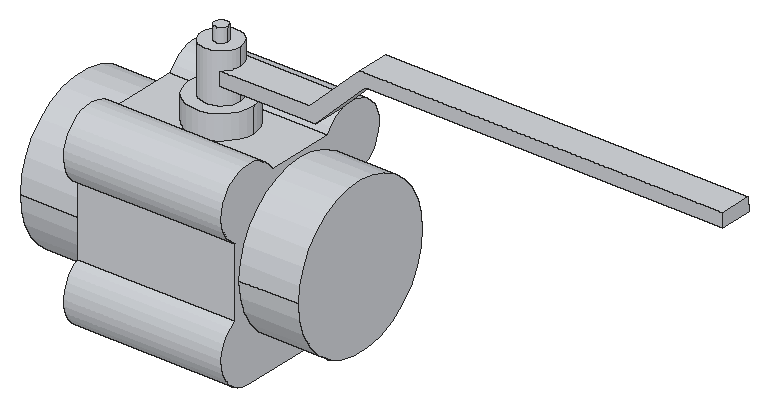
Revit family "Válvula Bola Compacta - 15-100 mm - Rosqueada - Worcester", category Acessórios do tubo, Revit 2019
Family settings
  Cota do conector redondo = Usar raio
  Tipo de parte = Válvula - Quebra entre
  ID de item do Seek = Ball Valve - 50-150 mm-0000-CAN-ENU
  Com base no plano de trabalho = Não
  Sempre na vertical = Sim
  Corte com vazios quando carregada = Não
  Compartilhado = Não
Parameters (values of type "15 mm")
  Material da válvula = none
  Raio do tronco = Diâmetro do tronco / 2  # 1.5 mm
  Altura do tronco = 39.25 mm
  Diâmetro do tronco = 0.2 * Diâmetro nominal  # 3 mm
  Raio = 2 * (Comprimento 2) - Raio nominal  # 15 mm
  Raio da porca = Diâmetro da porca / 2  # 2.25 mm
  Altura da porca = 0.3 * Diâmetro do corpo  # 4.95 mm
  Diâmetro da porca = 0.3 * Diâmetro nominal  # 4.5 mm
  Raio nominal = 7.5 mm
  Diâmetro nominal = Raio nominal * 2  # 15 mm
  Método de perda = Coeficiente K
  Comprimento 6 = Comprimento 4 * sin(30.00°)  # 9.382 mm
  Comprimento 5 = Comprimento 4 * cos(30.00°)  # 16.25 mm
  Comprimento 4 = Comprimento 3 / 2  # 18.764 mm
  Comprimento 3 = Comprimento do corpo / tan(60.00°)  # 37.528 mm
  Comprimento 2 = 11.25 mm
  Comprimento 1 = 31.5 mm
  K Coefficient = 0.35
  Largura do puxador = Diâmetro nominal / 2  # 7.5 mm
  Comprimento do puxador = 120 mm
  Altura do puxador = 42 mm
  Altura de meia porca = Altura da porca / 2  # 2.475 mm
  Comprimento do suporte 1 = Comprimento do suporte + (Comprimento do corpo / 4)  # 36.75 mm
  Largura do suporte = 46 mm
  Comprimento do suporte = 20.5 mm
  Raio do corpo 2 = 16.5 mm
  Raio do corpo = Diâmetro do corpo / 2  # 8.25 mm
  Comprimento do corpo = 65 mm
  Altura do corpo = 1.3 * Diâmetro do corpo  # 21.45 mm
  Diâmetro do corpo = 1.1 * Diâmetro nominal  # 16.5 mm
  Raio do adaptador = (Largura do suporte - 10 mm) / 2  # 18 mm
Types (10, lengths in mm): name | Raio do tronco | Altura do tronco | Diâmetro do tronco | Raio | Raio da porca | Altura da porca | Diâmetro da porca | Raio nominal | Diâmetro nominal | Comprimento 6 | Comprimento 5 | Comprimento 4 | Comprimento 3 | Largura do puxador | Comprimento do puxador | Altura do puxador | Altura de meia porca | Comprimento do suporte 1 | Largura do suporte | Comprimento do suporte | Raio do corpo | Comprimento do corpo | Altura do corpo | Diâmetro do corpo | Raio do adaptador
  (no name) | 1.5 | 39.25 | 3 | 15 | 2.25 | 4.95 | 4.5 | 7.5 | 15 | 9.382 | 16.25 | 18.764 | 37.528 | 7.5 | 120 | 42 | 2.475 | 36.75 | 46 | 20.5 | 8.25 | 65 | 21.45 | 16.5 | 18
  15 mm | 1.5 | 39.25 | 3 | 15 | 2.25 | 4.95 | 4.5 | 7.5 | 15 | 9.382 | 16.25 | 18.764 | 37.528 | 7.5 | 120 | 42 | 2.475 | 36.75 | 46 | 20.5 | 8.25 | 65 | 21.45 | 16.5 | 18
  20 mm | 2 | 43 | 4 | 12.5 | 3 | 6.6 | 6 | 10 | 20 | 10.104 | 17.5 | 20.207 | 40.415 | 10 | 120 | 46 | 3.3 | 42.5 | 51 | 25 | 11 | 70 | 28.6 | 22 | 20.5
  25 mm | 2.5 | 55 | 5 | 10 | 3.75 | 8.25 | 7.5 | 12.5 | 25 | 13.135 | 22.75 | 26.269 | 52.539 | 12.5 | 160 | 57 | 4.125 | 53.75 | 59 | 31 | 13.75 | 91 | 35.75 | 27.5 | 24.5
  32 mm | 3.2 | 60 | 6.4 | 6.5 | 4.8 | 10.56 | 9.6 | 16 | 32 | 14.867 | 25.75 | 29.734 | 59.467 | 16 | 160 | 57 | 5.28 | 67.75 | 68 | 42 | 17.6 | 103 | 45.76 | 35.2 | 29
  40 mm | 4 | 76 | 8 | 2.5 | 6 | 13.2 | 12 | 20 | 40 | 16.31 | 28.25 | 32.62 | 65.241 | 20 | 175 | 105 | 6.6 | 74.25 | 76 | 46 | 22 | 113 | 57.2 | 44 | 33
  50 mm | 5 | 80 | 10 | -2.5 | 7.5 | 16.5 | 15 | 25 | 50 | 17.754 | 30.75 | 35.507 | 71.014 | 25 | 175 | 108 | 8.25 | 83.75 | 88 | 53 | 27.5 | 123 | 71.5 | 55 | 39
  65 mm | 6.5 | 87 | 13 | -10 | 9.75 | 21.45 | 19.5 | 32.5 | 65 | 21.218 | 36.75 | 42.435 | 84.87 | 32.5 | 250 | 125 | 10.725 | 100.75 | 112 | 64 | 35.75 | 147 | 92.95 | 71.5 | 51
  80 mm | 8 | 119 | 16 | -17.5 | 12 | 26.4 | 24 | 40 | 80 | 25.259 | 43.75 | 50.518 | 101.036 | 40 | 250 | 150 | 13.2 | 125.75 | 121 | 82 | 44 | 175 | 114.4 | 88 | 55.5
  100 mm | 10 | 126 | 20 | -27.5 | 15 | 33 | 30 | 50 | 100 | 28.868 | 50 | 57.735 | 115.47 | 50 | 250 | 132 | 16.5 | 147 | 181 | 97 | 55 | 200 | 143 | 110 | 85.5
Reference planes
  plane 1 "Centro (frente/trás)": y = 0
  plane 2: z = 0
  plane 3 "Centro (direita/esquerda)": x = 0
  plane 4 "Esquerda": x = -32.5
  plane 5 "Direita": x = 32.5
  plane 6: x = 120
  plane 7: y = 18
  plane 8: y = -18
  plane 9: x = 24.375
  plane 10: x = -25
  plane 11: y = 8.25
  plane 12: y = -8.25
  plane 13: z = 39.25
  plane 14: z = 30.404
  plane 15: z = 42
  plane 16: z = 36.106
  plane 17: y = -3.75
  plane 18: y = 3.75
  plane 19: y = 31.5
  plane 20: y = 18.764
  plane 21: y = -18.764
  plane 22 "1": x = -16.25
  plane 23 "Direita do adaptador": x = 18.375
  plane 24: y = 9.382
  plane 25: y = -9.382
  plane 26 "Raio do corpo 2": y = -16.5
  plane 27: z = 24.702
  plane 28 "topo do suporte": z = 23
  plane 29 "parte inferior do suporte": z = -23
  plane 30 "esquerda do suporte": y = 23
  plane 31 "direita do suporte": y = -23
  plane 32 "direita do suporte cl": y = -15
  plane 33 "esquerda do suporte cl": y = 15
  plane 34 "Topo da traseira cl": z = 15
  plane 35 "parte inferior do suporte cl": z = -15
  plane 36: z = 19
  plane 37: y = -19
  plane 38: y = 19
  plane 39 "Esquerda do adaptador": x = -18.375
  plane 40 "2": x = 16.25
Forms (mm)
  Extrusion 1, solid, material <- "Material da válvula", detail levels fine
    sketch origin (0, 0, 0) x (0, 1, 0) y (0, 0, 1)
      loop
        circle (0, 0) r 18
    from 18.375 to 32.5
  Extrusion 2, solid, material <- "Material da válvula", detail levels fine
    sketch origin (0, 0, 13.181) x (0, 1, 0) y (0, 0, -1)
      loop
        circle (0, 13.181) r 18
    from 18.375 to 32.5
  Extrusion 3, solid, material <- "Material da válvula", detail levels fine
    sketch origin (0, 0, 0) x (1, 0, 0) y (0, 1, 0)
      loop
        circle (0, 0) r 4.5
    from 24.702 to 36.106
  Extrusion 4, solid, material <- "Material da válvula", detail levels fine
    sketch origin (0, 0, 0) x (1, 0, 0) y (0, 1, 0)
      loop
        circle (0, 0) r 1.5
    from 35.162 to 39.25
  Extrusion 5, solid, material <- "Material da válvula", detail levels fine
    sketch origin (0, 0, 0) x (1, 0, 0) y (0, 1, 0)
      loop
        circle (0, 0) r 2.25
    from 36.106 to 24.702
  Sweep 6, solid, material <- "Material da válvula", detail levels fine
    path in 3D
      loop
        line (0, 0, 30.404) -> (24.375, 0, 30.404) -> (35.971, 0, 42) -> (120, 0, 42)
    profile origin (12.188, 0, 30.404) x (0, 0, 1) y (0, -1, 0)
      loop
        line (1.612, 3.75) -> (-1.612, 3.75) -> (-1.612, -3.75) -> (1.612, -3.75) -> (1.612, 3.75)
  Extrusion 7, solid, material <- "Material da válvula", detail levels fine
    sketch origin (0, 0, 0) x (0, 1, 0) y (0, 0, 1)
      loop
        arc (19, 8.072) -> (20.657, 20.657) -> (8.072, 19) r 8
        line (8.072, 19) -> (-8.072, 19)
        arc (-8.072, 19) -> (-20.657, 20.657) -> (-19, 8.072) r 8
        line (-19, 8.072) -> (-19, -8.072)
        arc (-19, -8.072) -> (-22.727, -17.071) -> (-15, -23) r 8
        line (-15, -23) -> (15, -23)
        arc (15, -23) -> (22.727, -17.071) -> (19, -8.072) r 8
        line (19, -8.072) -> (19, 8.072)
    from -18.375 to 18.375
  Extrusion 8, solid, material <- "Material da válvula", detail levels fine
    sketch origin (0, 0, -7.642) x (1, 0, 0) y (0, 1, 0)
      loop
        circle (0, 0) r 7.5
    from 26.642 to 32.345
Cuts and joins
  joined: Extrusion 1, Extrusion 2, Extrusion 3, Extrusion 4, Extrusion 5, Sweep 6, Extrusion 7, Extrusion 8
Lines and regions (mm)
  reference lines
    curve 1: line (0, 0, 30.404) -> (24.375, 0, 30.404)
    curve 2: line (24.375, 0, 30.404) -> (35.971, 0, 42)
    curve 3: line (35.971, 0, 42) -> (120, 0, 42)
  sketch lines
    curve 4: line (0, 0, 30.404) -> (24.375, 0, 30.404)
    curve 5: line (24.375, 0, 30.404) -> (35.971, 0, 42)
    curve 6: line (35.971, 0, 42) -> (120, 0, 42)
  model lines, detail levels coarse+medium
    curve 7: line (-32.5, 18.764, 0) -> (-32.5, -18.764, 0)
    curve 8: line (32.5, -18.764, 0) -> (32.5, 18.764, 0)
    curve 9: line (-32.5, 18.764, 0) -> (-16.25, 9.382, 0)
    curve 10: line (32.5, 18.764, 0) -> (16.25, 9.382, 0)
    curve 11: circle (0, 0, 0) r 18.764 normal (0, 0, 1)
    curve 12: line (-16.25, -9.382, 0) -> (-32.5, -18.764, 0)
    curve 13: line (16.25, -9.382, 0) -> (32.5, -18.764, 0)
Dimensions and locks
  equal spacing: plane 4 "Esquerda", plane 3 "Centro (direita/esquerda)", plane 5 "Direita"
  "Comprimento do corpo": plane 4 "Esquerda" to plane 5 "Direita"
  "Comprimento do puxador": plane 3 "Centro (direita/esquerda)" to plane 6
  "Raio do adaptador": plane 7 to plane 1 "Centro (frente/trás)"
  equal spacing: plane 7, plane 1 "Centro (frente/trás)", plane 8
  "Raio do corpo": plane 11 to plane 1 "Centro (frente/trás)"
  equal spacing: plane 11, plane 1 "Centro (frente/trás)", plane 12
  equal spacing: plane 17, plane 1 "Centro (frente/trás)", plane 18
  "Largura do puxador": plane 17 to plane 18
  Sweep 6 sketch curve to Sweep 6 sketch curve = 3.225 mm
  equal spacing: Sweep 6 sketch curve, profile plane, Sweep 6 sketch curve
  "Comprimento 1": plane 19 to plane 1 "Centro (frente/trás)"
  equal spacing: plane 20, plane 1 "Centro (frente/trás)", plane 21
  "Comprimento 3": plane 20 to plane 21
  "Comprimento 6": plane 1 "Centro (frente/trás)" to plane 24
  "Comprimento 6": plane 1 "Centro (frente/trás)" to plane 25
  "Raio do corpo 2": plane 1 "Centro (frente/trás)" to plane 26 "Raio do corpo 2"
  "Altura do puxador": plane 15 to plane 2
  equal spacing: plane 30 "esquerda do suporte", plane 1 "Centro (frente/trás)", plane 31 "direita do suporte"
  "Largura do suporte": plane 30 "esquerda do suporte" to plane 31 "direita do suporte"
  equal spacing: plane 29 "parte inferior do suporte", plane 2, plane 28 "topo do suporte"
  "Largura do suporte": plane 28 "topo do suporte" to plane 29 "parte inferior do suporte"
  locked: plane 32 "direita do suporte cl" to plane 31 "direita do suporte" at 8
  locked: plane 30 "esquerda do suporte" to plane 33 "esquerda do suporte cl" at 8
  locked: plane 29 "parte inferior do suporte" to plane 35 "parte inferior do suporte cl" at 8
  locked: plane 28 "topo do suporte" to plane 34 "Topo da traseira cl" at 8
  equal spacing: plane 28 "topo do suporte", plane 36, plane 34 "Topo da traseira cl"
  equal spacing: plane 32 "direita do suporte cl", plane 37, plane 31 "direita do suporte"
  equal spacing: plane 30 "esquerda do suporte", plane 38, plane 33 "esquerda do suporte cl"
  equal spacing: plane 39 "Esquerda do adaptador", plane 3 "Centro (direita/esquerda)", plane 23 "Direita do adaptador"
  "Comprimento do suporte 1": plane 39 "Esquerda do adaptador" to plane 23 "Direita do adaptador"
  locked: plane 13 to plane 16 at 3.144
  "Altura do tronco": plane 13 to plane 2
  equal spacing: plane 16, plane 14, plane 27, plane 36
  "Comprimento 5": plane 22 "1" to plane 3 "Centro (direita/esquerda)"
  "Comprimento 5": plane 3 "Centro (direita/esquerda)" to plane 40 "2"
  "Raio do adaptador": radius of Extrusion 1 sketch curve
  "Raio do adaptador": radius of Extrusion 2 sketch curve
  "Diâmetro da porca": radius of Extrusion 3 sketch curve
  "Raio do tronco": radius of Extrusion 4 sketch curve
  "Raio da porca": radius of Extrusion 5 sketch curve
  radius of Extrusion 7 sketch curve = 8 mm  (x4)
  "Raio nominal": radius of Extrusion 8 sketch curve
  locked: plane 14 to curve 2 (angle 45.00°)
  aligned and locked: Extrusion 1 to plane 5 "Direita"
  aligned and locked: plane 1 "Centro (frente/trás)" to Extrusion 2 sketch curve
  aligned and locked: Extrusion 2 to plane 4 "Esquerda"
  aligned and locked: plane 3 "Centro (direita/esquerda)" to Extrusion 3 sketch curve
  aligned and locked: plane 1 "Centro (frente/trás)" to Extrusion 3 sketch curve
  aligned and locked: plane 3 "Centro (direita/esquerda)" to Extrusion 5 sketch curve
  aligned and locked: plane 1 "Centro (frente/trás)" to Extrusion 5 sketch curve
  aligned and locked: Extrusion 5 to plane 16
  aligned and locked: plane 6 to curve 3
  aligned and locked: plane 9 to curve 2
  aligned and locked: curve 1 to plane 14
  aligned and locked: plane 3 "Centro (direita/esquerda)" to curve 1
  aligned and locked: plane 17 to Sweep 6 sketch curve
  aligned and locked: Sweep 6 sketch curve to plane 18
  aligned and locked: plane 27 to cut or joined group of Extrusion 1, Extrusion 2, Extrusion 3, Extrusion 4, Extrusion 5, Sweep 6, Extrusion 7, Extrusion 8
  aligned and locked: plane 33 "esquerda do suporte cl" to Extrusion 7 sketch curve  (x2)
  aligned and locked: plane 34 "Topo da traseira cl" to Extrusion 7 sketch curve  (x2)
  aligned and locked: plane 32 "direita do suporte cl" to Extrusion 7 sketch curve  (x2)
  aligned and locked: plane 35 "parte inferior do suporte cl" to Extrusion 7 sketch curve
  aligned and locked: plane 29 "parte inferior do suporte" to Extrusion 7 sketch curve
  aligned and locked: plane 37 to Extrusion 7 sketch curve
  aligned and locked: Extrusion 7 sketch curve to plane 38
  aligned and locked: Extrusion 7 sketch curve to plane 36
  aligned and locked: cut or joined group of Extrusion 1, Extrusion 2, Extrusion 3, Extrusion 4, Extrusion 5, Sweep 6, Extrusion 7, Extrusion 8 to plane 23 "Direita do adaptador"
  aligned and locked: Extrusion 7 to plane 39 "Esquerda do adaptador"
  aligned and locked: plane 23 "Direita do adaptador" to Extrusion 7
  aligned and locked: plane 39 "Esquerda do adaptador" to cut or joined group of Extrusion 1, Extrusion 2, Extrusion 3, Extrusion 4, Extrusion 5, Sweep 6, Extrusion 7, Extrusion 8
  aligned and locked: plane 16 to cut or joined group of Extrusion 1, Extrusion 2, Extrusion 3, Extrusion 4, Extrusion 5, Sweep 6, Extrusion 7, Extrusion 8
  aligned and locked: cut or joined group of Extrusion 1, Extrusion 2, Extrusion 3, Extrusion 4, Extrusion 5, Sweep 6, Extrusion 7, Extrusion 8 to plane 27
  aligned and locked: level to Extrusion 1 sketch curve
  aligned and locked: plane 2 to Extrusion 2 sketch curve
  aligned and locked: plane 13 to cut or joined group of Extrusion 1, Extrusion 2, Extrusion 3, Extrusion 4, Extrusion 5, Sweep 6, Extrusion 7, Extrusion 8
  aligned and locked: plane 27 to Extrusion 8
  aligned and locked: Extrusion 8 to plane 36
  aligned and locked: plane 20 to curve 7
  aligned and locked: plane 21 to curve 7
  aligned and locked: plane 1 "Centro (frente/trás)" to curve 11
  aligned and locked: plane 3 "Centro (direita/esquerda)" to curve 11
Automatic sketch dimensions
  Extrusion 1 sketch curve to plane 1 "Centro (frente/trás)" = 0 mm
  plane 1 "Centro (frente/trás)" to Extrusion 4 sketch curve = 0 mm
  Extrusion 4 sketch curve to plane 3 "Centro (direita/esquerda)" = 0 mm
  curve 3 to plane 15 = 0 mm
  plane 1 "Centro (frente/trás)" to Extrusion 8 sketch curve = 0 mm
  Extrusion 8 sketch curve to plane 3 "Centro (direita/esquerda)" = 0 mm
  curve 7 to plane 4 "Esquerda" = 0 mm
  curve 9 to plane 22 "1" = 0 mm
  curve 12 to plane 22 "1" = 0 mm
  curve 10 to plane 24 = 0 mm
  curve 13 to plane 25 = 0 mm
  curve 8 to plane 5 "Direita" = 0 mm
  curve 8 to plane 21 = 0 mm
  curve 9 to plane 24 = 0 mm
  curve 8 to plane 20 = 0 mm
Connectors
  piping at (32.5, 0, 0), diameter 15, driven by "Raio nominal"
    settings: on Extrusion 1, index 1, connector inside diameter 15 mm, connector length 0 mm, flow factor 0, pipe flow 0.0 L/s, pressure drop 0.0 Pa, fitting loss kfactor 0, connector angle 0.00°, fixture units 0, engagement length 0 mm, angle of deflection 0.00°, flow configuration 0, flow direction 0, fitting loss method 0, system type 29, joint type 0, gender type 0, connector reference index 2, connector utility 0, adjustable connector no, is connector primary no, connector description ""
  piping at (-32.5, 0, 0), diameter 15, driven by "Raio nominal"
    settings: on Extrusion 2, index 2, connector inside diameter 15 mm, connector length 0 mm, flow factor 0, pipe flow 0.0 L/s, pressure drop 0.0 Pa, fitting loss kfactor 0, connector angle 0.00°, fixture units 0, engagement length 0 mm, angle of deflection 0.00°, flow configuration 0, flow direction 0, fitting loss method 0, system type 29, joint type 0, gender type 0, connector reference index 1, connector utility 0, adjustable connector no, is connector primary yes, connector description ""
